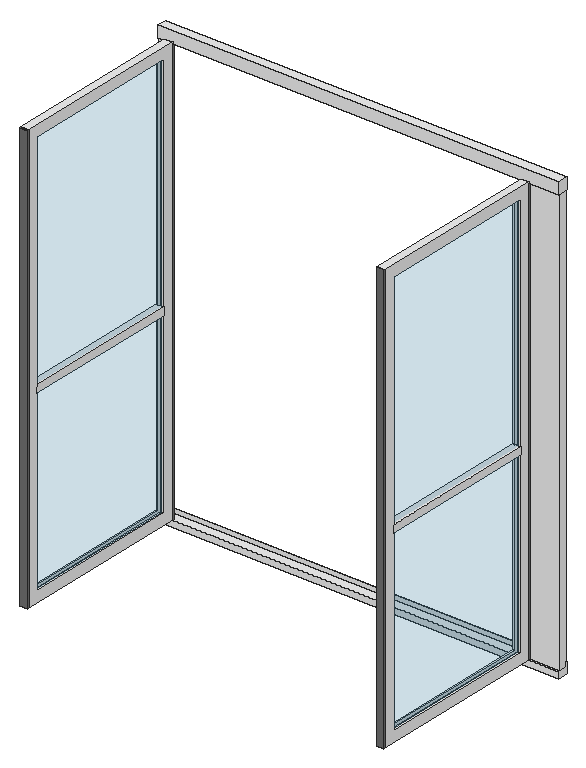
Revit family "Window-NanaWall-HSW-45", category Windows, host Wall, Revit 2013 (continued)
Definition of nested family "Left-Jamb_VSW 35"
  Definition of nested family "Right-Jamb_Detail"
    Lines and regions (in)
      detail lines, style "0", in view "Ref. Level"
        curve 288: arc (3.27709, -0.49198, 0) -> (3.27029, -0.49334, 0) -> (3.26723, -0.49955, 0) r 0.00783
        curve 289: arc (3.32596, -0.50508, 0) -> (3.32009, -0.59629, 0) -> (3.32596, -0.6875, 0) r 0.71114
        curve 290: arc (2.15126, -0.57003, 0) -> (2.18567, -0.65309, 0) -> (2.26873, -0.6875, 0) r 0.11747
        curve 291: arc (2.15126, -0.41356, 0) -> (2.11915, -0.33285, 0) -> (2.04036, -0.29628, 0) r 0.11747
        curve 292: arc (1.85348, -0.27194, 0) -> (1.94648, -0.28755, 0) -> (2.04036, -0.29628, 0) r 1.28277
        curve 293: arc (1.7597, -0.15688, 0) -> (1.78611, -0.2311, 0) -> (1.85348, -0.27194, 0) r 0.11747
        curve 294: arc (1.85348, 0.25989, 0) -> (1.78611, 0.21906, 0) -> (1.7597, 0.14484, 0) r 0.11747
        curve 295: arc (2.04036, 0.28423, 0) -> (1.94648, 0.2755, 0) -> (1.85348, 0.25989, 0) r 1.28277
        curve 296: arc (2.04036, 0.28423, 0) -> (2.11915, 0.32081, 0) -> (2.15126, 0.40151, 0) r 0.11747
        curve 297: arc (2.26873, 0.6875, 0) -> (2.18567, 0.65309, 0) -> (2.15126, 0.57003, 0) r 0.11747
        curve 298: arc (2.04365, 0.22558, 0) -> (2.12203, 0.24899, 0) -> (2.18139, 0.30527, 0) r 0.1762
        curve 299: arc (2.04365, 0.22558, 0) -> (1.95406, 0.21725, 0) -> (1.86533, 0.20236, 0) r 1.22404
        curve 300: arc (1.86533, -0.21441, 0) -> (1.95406, -0.2293, 0) -> (2.04365, -0.23763, 0) r 1.22404
        curve 301: arc (2.18139, -0.31732, 0) -> (2.12203, -0.26104, 0) -> (2.04365, -0.23763, 0) r 0.1762
        curve 302: arc (2.19825, -0.60919, 0) -> (2.20055, -0.61472, 0) -> (2.20608, -0.61702, 0) r 0.00783
        curve 303: arc (2.20608, -0.40166, 0) -> (2.20055, -0.40395, 0) -> (2.19825, -0.40949, 0) r 0.00783
        curve 304: arc (2.20608, 0.61702, 0) -> (2.20055, 0.61472, 0) -> (2.19825, 0.60919, 0) r 0.00783
        curve 305: arc (2.19825, 0.40949, 0) -> (2.20055, 0.40395, 0) -> (2.20608, 0.40166, 0) r 0.00783
        curve 306: arc (3.03229, 0.11943, 0) -> (3.04376, 0.09174, 0) -> (3.07144, 0.08027, 0) r 0.03916
        curve 307: arc (3.07144, -0.08027, 0) -> (3.04376, -0.09174, 0) -> (3.03229, -0.11943, 0) r 0.03916
        curve 308: arc (3.22807, -0.08027, 0) -> (3.25576, -0.0688, 0) -> (3.26723, -0.04111, 0) r 0.03916
        curve 309: arc (3.26723, 0.04111, 0) -> (3.25576, 0.0688, 0) -> (3.22807, 0.08027, 0) r 0.03916
        curve 310: arc (2.21419, 0.32304, 0) -> (2.19554, 0.31831, 0) -> (2.18139, 0.30527, 0) r 0.03916
        curve 311: arc (2.18139, -0.31732, 0) -> (2.19554, -0.33036, 0) -> (2.21419, -0.33509, 0) r 0.03916
        curve 312: arc (2.26873, 0.32304, 0) -> (2.29642, 0.33451, 0) -> (2.30789, 0.3622, 0) r 0.03916
        curve 313: arc (2.30789, -0.37425, 0) -> (2.29642, -0.34656, 0) -> (2.26873, -0.33509, 0) r 0.03916
        curve 314: arc (2.30789, -0.60919, 0) -> (2.31362, -0.62303, 0) -> (2.32747, -0.62877, 0) r 0.01958
        curve 315: arc (2.32747, 0.62876, 0) -> (2.31362, 0.62303, 0) -> (2.30789, 0.60919, 0) r 0.01958
        curve 316: arc (3.03229, 0.60919, 0) -> (3.02655, 0.62303, 0) -> (3.01271, 0.62876, 0) r 0.01958
        curve 317: arc (3.01271, -0.62877, 0) -> (3.02655, -0.62303, 0) -> (3.03229, -0.60919, 0) r 0.01958
        curve 318: arc (3.1106, 0.62093, 0) -> (3.09676, 0.6152, 0) -> (3.09102, 0.60135, 0) r 0.01958
        curve 319: arc (3.09102, 0.15858, 0) -> (3.09676, 0.14474, 0) -> (3.1106, 0.13901, 0) r 0.01958
        curve 320: arc (3.1106, -0.13901, 0) -> (3.09676, -0.14474, 0) -> (3.09102, -0.15858, 0) r 0.01958
        curve 321: arc (3.09102, -0.60136, 0) -> (3.09676, -0.6152, 0) -> (3.1106, -0.62093, 0) r 0.01958
        curve 322: arc (1.86533, 0.20236, 0) -> (1.83164, 0.18195, 0) -> (1.81843, 0.14484, 0) r 0.05873
        curve 323: arc (1.81843, -0.15688, 0) -> (1.83164, -0.19399, 0) -> (1.86533, -0.21441, 0) r 0.05873
Definition of nested family "Right-Jamb_VSW 35"
  Parameters (values of type "Right-Jamb_VSW 35")
    Width = 7' - 6"
    Ofset = 0' - 3"
    Jamb = Metal - NanaWall - Aluminum
    Height = 6' - 5 73/256"
    Assembly Code = ""
  Reference planes (in)
    plane 1 "Center (Front/Back)": y = -5.59752
    plane 2: z = 0
    plane 3 "Center (Left/Right)": x = 0
    plane 4: z = 77.28516
    plane 5: z = 0.97656
    plane 6: x = 45
    plane 7: x = -45
    plane 8: y = -2.59752
  Forms (in)
    Extrusion 1, solid, material "Metal - NanaWall - Aluminum" <- "Jamb"
      sketch origin (0, 0, 0) x (1, 0, 0) y (0, 1, 0)
        loop
          line (39.64757, -4.91002) -> (39.64757, -6.28502) -> (45, -6.28502) -> (45, -4.91002) -> (39.64757, -4.91002)
      from 0.97656 to 77.28516
  Lines and regions (in)
    Masking region 1
      outline origin (0, 0, 0) x (1, 0, 0) y (0, 1, 0)
        loop
          line (45, -4.91002) -> (39.64757, -4.91002) -> (39.64757, -6.28502) -> (45, -6.28502) -> (45, -4.91002)
  Dimensions and locks (in)
    "Height": plane 4 to level
    locked: plane 5 to level at 0.97656
    equal spacing: plane 7, plane 3 "Center (Left/Right)", plane 6
    "Width": plane 7 to plane 6
    Extrusion 1 sketch curve to plane 1 "Center (Front/Back)" to nested 1 = 0' - 0 11/16" locked, 0' - 0.56944" locked
    "Ofset": plane 8 to plane 1 "Center (Front/Back)"
    aligned and locked: level to plane 2
    aligned and locked: plane 4 to Extrusion 1
    aligned and locked: plane 5 to Extrusion 1
    aligned: plane 6 to nested 1
    aligned and locked: plane 1 "Center (Front/Back)" to nested 1
    aligned and locked: plane 6 to nested 1
    aligned and locked: Masking region 1 sketch curve to Extrusion 1  (x2)
    aligned and locked: Extrusion 1 to Masking region 1 sketch curve
  Automatic sketch dimensions
    Extrusion 1 sketch curve to plane 6 = 0' - 0"
    Extrusion 1 sketch curve to plane 1 "Center (Front/Back)" = 0' - 0 11/16"
    plane 6 to Extrusion 1 sketch curve = 0' - 5.35243"
    plane 6 to Masking region 1 sketch curve = 0' - 5.35243"
  Nested families (in)
    nested 1: "Detail" at (37.55324, -5.59752, 0), type "Detail", detail levels fine
  Definition of nested family "Detail"
    Parameters (values of type "Detail")
      SmartBIM Object Version = 1  # constant formula
      SmartBIM Object Created By = "Reed Construction Data"  # constant formula
      Half Piece = yes
      Assembly Code = ""
      95 CSI = ""
      04 CSI = ""
    Reference planes (in)
      plane 1 "Center (Front/Back)": y = 0
      plane 2: z = 0
      plane 3 "Center (Left/Right)": x = 0
    Lines and regions (in)
      detail lines, style "0", in view "Ref. Level"
        curve 1: arc (5.186, 0.50648, 0) -> (5.30577, 0.46582, 0) -> (5.37605, 0.36065, 0) r 0.19676
        curve 2: arc (4.79772, 0.47894, 0) -> (4.7943, 0.46496, 0) -> (4.78952, 0.45139, 0) r 0.1456
        curve 3: arc (5.19208, 0.47883, 0) -> (5.27619, 0.45289, 0) -> (5.3359, 0.38823, 0) r 0.16921
        curve 4: arc (4.7728, 0.50648, 0) -> (4.76562, 0.46593, 0) -> (4.74495, 0.43032, 0) r 0.11806
        curve 5: arc (5.06007, 0.60486, 0) -> (5.07619, 0.59647, 0) -> (5.07856, 0.57846, 0) r 0.01968
        curve 6: arc (4.77977, 0.53009, 0) -> (4.78454, 0.52849, 0) -> (4.78736, 0.52432, 0) r 0.00787
        curve 7: arc (4.82986, 0.53009, 0) -> (4.81113, 0.50865, 0) -> (4.78736, 0.52432, 0) r 0.02164
        curve 8: arc (4.82199, 0.58519, 0) -> (4.82756, 0.58288, 0) -> (4.82986, 0.57731, 0) r 0.00787
        curve 9: arc (4.81215, 0.58519, 0) -> (4.8049, 0.58999, 0) -> (4.8065, 0.59854, 0) r 0.00787
        curve 10: arc (4.83738, 0.63037, 0) -> (4.84384, 0.63479, 0) -> (4.8515, 0.63634, 0) r 0.01968
        curve 11: arc (4.86056, 0.57846, 0) -> (4.86293, 0.59647, 0) -> (4.87905, 0.60486, 0) r 0.01968
        curve 12: arc (4.90021, 0.53009, 0) -> (4.88215, 0.53579, 0) -> (4.87062, 0.55081, 0) r 0.03148
        curve 13: arc (5.0685, 0.55081, 0) -> (5.05697, 0.53579, 0) -> (5.03891, 0.53009, 0) r 0.03148
        curve 14: arc (5.15176, 0.52432, 0) -> (5.15458, 0.52849, 0) -> (5.15935, 0.53009, 0) r 0.00787
        curve 15: arc (5.08762, 0.63634, 0) -> (5.09528, 0.63479, 0) -> (5.10174, 0.63037, 0) r 0.01968
        curve 16: arc (5.13262, 0.59854, 0) -> (5.13422, 0.58999, 0) -> (5.12697, 0.58519, 0) r 0.00787
        curve 17: arc (5.10926, 0.57731, 0) -> (5.11156, 0.58288, 0) -> (5.11713, 0.58519, 0) r 0.00787
        curve 18: arc (5.15176, 0.52432, 0) -> (5.12799, 0.50865, 0) -> (5.10926, 0.53009, 0) r 0.02164
        curve 19: arc (4.74795, 0.42384, 0) -> (4.74438, 0.42612, 0) -> (4.74495, 0.43032, 0) r 0.00394
        curve 20: arc (5.24502, 0.45139, 0) -> (5.27062, 0.4463, 0) -> (5.29233, 0.43179, 0) r 0.0669
        curve 21: arc (5.24502, 0.42384, 0) -> (5.26008, 0.42085, 0) -> (5.27285, 0.41232, 0) r 0.03935
        curve 22: arc (5.38731, 0.31863, 0) -> (5.38364, 0.30977, 0) -> (5.37414, 0.31102, 0) r 0.00787
        curve 23: arc (1.85985, 0.42226, 0) -> (1.84662, 0.44885, 0) -> (1.83912, 0.47759, 0) r 0.1442
        curve 24: arc (1.95787, 0.59624, 0) -> (1.96665, 0.47744, 0) -> (1.96204, 0.35841, 0) r 1.05927
        curve 25: arc (1.96204, 0.35841, 0) -> (1.95995, 0.35564, 0) -> (1.95647, 0.35566, 0) r 0.00387
        curve 26: arc (2.0162, 0.34717, 0) -> (2.0139, 0.34161, 0) -> (2.00833, 0.3393, 0) r 0.00787
        curve 27: arc (1.98472, 0.3393, 0) -> (1.97916, 0.34161, 0) -> (1.97685, 0.34717, 0) r 0.00787
        curve 28: arc (1.95647, 0.35566, 0) -> (1.94234, 0.38638, 0) -> (1.9375, 0.41985, 0) r 0.11806
        curve 29: arc (1.89028, 0.42647, 0) -> (1.88797, 0.42091, 0) -> (1.88241, 0.4186, 0) r 0.00787
        curve 30: arc (1.86649, 0.4186, 0) -> (1.8627, 0.41958, 0) -> (1.85985, 0.42226, 0) r 0.00787
        curve 31: arc (1.95787, 0.59624, 0) -> (1.96226, 0.60435, 0) -> (1.97133, 0.60272, 0) r 0.00787
        curve 32: arc (1.95718, 0.64809, 0) -> (1.99891, 0.6308, 0) -> (2.0162, 0.58906, 0) r 0.05903
        curve 33: arc (1.97685, 0.58124, 0) -> (1.9788, 0.57813, 0) -> (1.97685, 0.57502, 0) r 0.00346
        curve 34: arc (1.97133, 0.60272, 0) -> (1.97542, 0.59643, 0) -> (1.97685, 0.58906, 0) r 0.01968
        curve 35: arc (1.92684, 0.53662, 0) -> (1.93141, 0.53515, 0) -> (1.93428, 0.53131, 0) r 0.00787
        curve 36: arc (1.93428, 0.48547, 0) -> (1.93141, 0.48162, 0) -> (1.92684, 0.48015, 0) r 0.00787
        curve 37: arc (1.93764, 0.50839, 0) -> (1.93703, 0.49677, 0) -> (1.93428, 0.48547, 0) r 0.0629
        curve 38: arc (1.93428, 0.53131, 0) -> (1.93703, 0.52, 0) -> (1.93764, 0.50839, 0) r 0.0629
        curve 39: arc (1.88241, 0.59817, 0) -> (1.88797, 0.59587, 0) -> (1.89028, 0.5903, 0) r 0.00787
        curve 40: arc (1.85372, 0.53131, 0) -> (1.85659, 0.53515, 0) -> (1.86117, 0.53662, 0) r 0.00787
        curve 41: arc (1.85372, 0.48547, 0) -> (1.85098, 0.49677, 0) -> (1.85036, 0.50839, 0) r 0.0629
        curve 42: arc (1.85036, 0.50839, 0) -> (1.85098, 0.52, 0) -> (1.85372, 0.53131, 0) r 0.0629
        curve 43: arc (1.86117, 0.48015, 0) -> (1.85659, 0.48162, 0) -> (1.85372, 0.48547, 0) r 0.00787
        curve 44: arc (1.83912, 0.53918, 0) -> (1.84662, 0.56792, 0) -> (1.85985, 0.59451, 0) r 0.1442
        curve 45: arc (1.85985, 0.59451, 0) -> (1.8627, 0.5972, 0) -> (1.86649, 0.59817, 0) r 0.00787
        curve 46: arc (1.9375, 0.62841, 0) -> (1.94326, 0.64232, 0) -> (1.95718, 0.64809, 0) r 0.01968
        curve 47: arc (4.42454, 0.42384, 0) -> (4.3828, 0.44113, 0) -> (4.36551, 0.48287, 0) r 0.05903
        curve 48: arc (4.42454, 0.36481, 0) -> (4.34106, 0.39939, 0) -> (4.30648, 0.48287, 0) r 0.11806
        curve 49: arc (4.24745, 0.49468, 0) -> (4.21963, 0.5062, 0) -> (4.2081, 0.53403, 0) r 0.03935
        curve 50: arc (4.30134, 0.56629, 0) -> (4.34636, 0.551, 0) -> (4.36551, 0.50749, 0) r 0.05903
        curve 51: arc (4.23591, 0.57625, 0) -> (4.24145, 0.57691, 0) -> (4.24506, 0.57266, 0) r 0.0059
        curve 52: arc (4.65278, 0.36481, 0) -> (4.69452, 0.34753, 0) -> (4.71181, 0.30579, 0) r 0.05903
        curve 53: arc (4.77083, 0.34514, 0) -> (4.7766, 0.35905, 0) -> (4.79051, 0.36481, 0) r 0.01968
        curve 54: arc (5.06597, 0.42384, 0) -> (5.07989, 0.41808, 0) -> (5.08565, 0.40417, 0) r 0.01968
        curve 55: arc (5.08565, 0.38449, 0) -> (5.07989, 0.37058, 0) -> (5.06597, 0.36481, 0) r 0.01968
        curve 56: arc (2.80324, 0.53118, 0) -> (2.82211, 0.565, 0) -> (2.84586, 0.59559, 0) r 0.25579
        curve 57: arc (2.80324, -0.36204, 0) -> (2.83206, -0.29247, 0) -> (2.90162, -0.26366, 0) r 0.09838
        curve 58: arc (2.90162, 0.35694, 0) -> (2.83206, 0.38576, 0) -> (2.80324, 0.45532, 0) r 0.09838
        curve 59: arc (2.12125, 0.31001, 0) -> (2.24489, 0.29029, 0) -> (2.36607, 0.25887, 0) r 1.31081
        curve 60: arc (2.12125, 0.31001, 0) -> (2.0463, 0.3486, 0) -> (2.0162, 0.42735, 0) r 0.11806
        curve 61: arc (2.3836, 0.31523, 0) -> (2.47362, 0.25113, 0) -> (2.5081, 0.14614, 0) r 0.17708
        curve 62: arc (2.0162, 0.56944, 0) -> (2.05078, 0.65292, 0) -> (2.13426, 0.6875, 0) r 0.11806
        curve 63: arc (2.17361, 0.58912, 0) -> (2.18514, 0.61695, 0) -> (2.21296, 0.62847, 0) r 0.03935
        curve 64: arc (2.17361, 0.36281, 0) -> (2.27954, 0.34315, 0) -> (2.3836, 0.31523, 0) r 1.36984
        curve 65: arc (2.06343, 0.6088, 0) -> (2.06573, 0.61436, 0) -> (2.0713, 0.61667, 0) r 0.00787
        curve 66: arc (2.0713, 0.40023, 0) -> (2.06573, 0.40254, 0) -> (2.06343, 0.4081, 0) r 0.00787
        curve 67: arc (2.36607, 0.25887, 0) -> (2.42609, 0.21613, 0) -> (2.44907, 0.14614, 0) r 0.11806
        curve 68: arc (2.44907, -0.13746, 0) -> (2.42609, -0.20745, 0) -> (2.36607, -0.25019, 0) r 0.11806
        curve 69: arc (2.36607, -0.25019, 0) -> (2.24489, -0.28161, 0) -> (2.12125, -0.30133, 0) r 1.31081
        curve 70: arc (2.5081, -0.13746, 0) -> (2.47362, -0.24245, 0) -> (2.3836, -0.30655, 0) r 0.17708
        curve 71: arc (2.83128, 0.62847, 0) -> (2.84927, 0.61677, 0) -> (2.84586, 0.59559, 0) r 0.01968
        curve 72: arc (3.15741, 0.64028, 0) -> (3.15164, 0.62636, 0) -> (3.13773, 0.6206, 0) r 0.01968
        curve 73: arc (2.86227, 0.5173, 0) -> (2.93461, 0.59281, 0) -> (3.03542, 0.6206, 0) r 0.19676
        curve 74: arc (2.94884, 0.44745, 0) -> (2.95461, 0.46137, 0) -> (2.96852, 0.46713, 0) r 0.01968
        curve 75: arc (3.09838, 0.46713, 0) -> (3.14012, 0.44984, 0) -> (3.15741, 0.4081, 0) r 0.05903
        curve 76: arc (2.90162, 0.41597, 0) -> (2.87379, 0.4275, 0) -> (2.86227, 0.45532, 0) r 0.03935
        curve 77: arc (2.94884, 0.43565, 0) -> (2.94308, 0.42174, 0) -> (2.92917, 0.41597, 0) r 0.01968
        curve 78: arc (3.00787, 0.38843, 0) -> (3.01363, 0.40234, 0) -> (3.02755, 0.4081, 0) r 0.01968
        curve 79: arc (3.07083, 0.4081, 0) -> (3.08475, 0.40234, 0) -> (3.09051, 0.38843, 0) r 0.01968
        curve 80: arc (3.00787, 0.29595, 0) -> (3.00211, 0.28204, 0) -> (2.98819, 0.27627, 0) r 0.01968
        curve 81: arc (3.15741, -0.26366, 0) -> (3.14012, -0.3054, 0) -> (3.09838, -0.32269, 0) r 0.05903
        curve 82: arc (3.09051, -0.24398, 0) -> (3.08475, -0.25789, 0) -> (3.07083, -0.26366, 0) r 0.01968
        curve 83: arc (0.83565, 0.60093, 0) -> (0.84141, 0.61484, 0) -> (0.85532, 0.6206, 0) r 0.01968
        curve 84: arc (0.77662, 0.6206, 0) -> (0.79053, 0.61484, 0) -> (0.7963, 0.60093, 0) r 0.01968
        curve 85: arc (1.15046, 0.58912, 0) -> (1.16199, 0.61695, 0) -> (1.18981, 0.62847, 0) r 0.03935
        curve 86: arc (1.73287, 0.62847, 0) -> (1.7607, 0.61695, 0) -> (1.77222, 0.58912, 0) r 0.03935
        curve 87: arc (1.89028, 0.61667, 0) -> (1.89584, 0.61436, 0) -> (1.89815, 0.6088, 0) r 0.00787
        curve 88: arc (1.81944, 0.6875, 0) -> (1.90292, 0.65292, 0) -> (1.9375, 0.56944, 0) r 0.11806
        curve 89: arc (1.05208, 0.6206, 0) -> (1.07991, 0.60908, 0) -> (1.09144, 0.58125, 0) r 0.03935
        curve 90: arc (1.94537, 0.23691, 0) -> (2.08583, 0.23248, 0) -> (2.22486, 0.21205, 0) r 1.23014
        curve 91: arc (2.04895, 0.29432, 0) -> (1.96978, 0.33109, 0) -> (1.9375, 0.4122, 0) r 0.11806
        curve 92: arc (2.22486, 0.21205, 0) -> (2.25872, 0.19153, 0) -> (2.27199, 0.15424, 0) r 0.05903
        curve 93: arc (2.23676, 0.26987, 0) -> (2.30447, 0.22883, 0) -> (2.33102, 0.15424, 0) r 0.11806
        curve 94: arc (2.04895, 0.29432, 0) -> (2.14331, 0.28555, 0) -> (2.23676, 0.26987, 0) r 1.28917
        curve 95: arc (1.81157, 0.33333, 0) -> (1.78375, 0.34486, 0) -> (1.77222, 0.37269, 0) r 0.03935
        curve 96: arc (1.89815, 0.4081, 0) -> (1.89584, 0.40254, 0) -> (1.89028, 0.40023, 0) r 0.00787
        curve 97: arc (2.22486, -0.20337, 0) -> (2.08583, -0.2238, 0) -> (1.94537, -0.22823, 0) r 1.23014
        curve 98: arc (2.33102, -0.14556, 0) -> (2.30447, -0.22015, 0) -> (2.23676, -0.26119, 0) r 0.11806
        curve 99: arc (2.27199, -0.14556, 0) -> (2.25872, -0.18285, 0) -> (2.22486, -0.20337, 0) r 0.05903
        curve 100: arc (2.23676, -0.26119, 0) -> (2.14331, -0.27687, 0) -> (2.04895, -0.28564, 0) r 1.28917
        curve 101: arc (0.83565, 0.52813, 0) -> (0.81597, 0.50845, 0) -> (0.7963, 0.52813, 0) r 0.01968
        curve 102: arc (0.7963, 0.27234, 0) -> (0.81359, 0.31408, 0) -> (0.85532, 0.33137, 0) r 0.05903
        curve 103: arc (1.15046, 0.37072, 0) -> (1.12165, 0.30115, 0) -> (1.05208, 0.27234, 0) r 0.09838
        curve 104: arc (1.09144, 0.37072, 0) -> (1.07991, 0.34289, 0) -> (1.05208, 0.33137, 0) r 0.03935
        curve 105: arc (0.86319, 0.25266, 0) -> (0.86896, 0.26658, 0) -> (0.88287, 0.27234, 0) r 0.01968
        curve 106: arc (0.94583, -0.28727, 0) -> (0.9516, -0.27336, 0) -> (0.96551, -0.26759, 0) r 0.01968
        curve 107: arc (5.20764, 0.5419, 0) -> (5.20418, 0.53355, 0) -> (5.19583, 0.53009, 0) r 0.01181
        curve 108: arc (6.35671, 0.53009, 0) -> (6.34519, 0.50227, 0) -> (6.31736, 0.49074, 0) r 0.03935
        curve 109: arc (6.25833, 0.49074, 0) -> (6.21659, 0.50803, 0) -> (6.19931, 0.54977, 0) r 0.05903
        curve 110: arc (6.14028, 0.6875, 0) -> (6.22376, 0.65292, 0) -> (6.25833, 0.56944, 0) r 0.11806
        curve 111: arc (6.14028, 0.62847, 0) -> (6.18202, 0.61118, 0) -> (6.19931, 0.56944, 0) r 0.05903
        curve 112: arc (5.85301, 0.6088, 0) -> (5.85877, 0.62271, 0) -> (5.87269, 0.62847, 0) r 0.01968
        curve 113: arc (5.77431, 0.62847, 0) -> (5.78822, 0.62271, 0) -> (5.79398, 0.6088, 0) r 0.01968
        curve 114: arc (5.20764, 0.61667, 0) -> (5.2111, 0.62501, 0) -> (5.21944, 0.62847, 0) r 0.01181
        curve 115: arc (4.69213, 0.56944, 0) -> (4.72671, 0.65292, 0) -> (4.81019, 0.6875, 0) r 0.11806
        curve 116: arc (4.73991, 0.5783, 0) -> (4.76333, 0.62257, 0) -> (4.81019, 0.64028, 0) r 0.07083
        curve 117: arc (4.74772, 0.56944, 0) -> (4.74181, 0.57211, 0) -> (4.73991, 0.5783, 0) r 0.00787
        curve 118: arc (5.12894, 0.53009, 0) -> (5.10926, 0.54977, 0) -> (5.12894, 0.56944, 0) r 0.01968
        curve 119: arc (5.16042, 0.64028, 0) -> (5.16598, 0.63797, 0) -> (5.16829, 0.63241, 0) r 0.00787
        curve 120: arc (4.81019, 0.56944, 0) -> (4.82986, 0.54977, 0) -> (4.81019, 0.53009, 0) r 0.01968
        curve 121: arc (4.71181, 0.53009, 0) -> (4.69789, 0.53586, 0) -> (4.69213, 0.54977, 0) r 0.01968
        curve 122: arc (7.39764, -0.18665, 0) -> (7.39081, -0.18529, 0) -> (7.38773, -0.17905, 0) r 0.00787
        curve 123: arc (7.38773, 0.17905, 0) -> (7.39081, 0.18529, 0) -> (7.39764, 0.18665, 0) r 0.00787
        curve 124: arc (7.39764, 0.49101, 0) -> (7.39081, 0.49237, 0) -> (7.38773, 0.49861, 0) r 0.00787
        curve 125: arc (7.44676, 0.50417, 0) -> (7.44086, 0.59584, 0) -> (7.44676, 0.6875, 0) r 0.71468
        curve 126: arc (6.2662, 0.56944, 0) -> (6.30078, 0.65292, 0) -> (6.38426, 0.6875, 0) r 0.11806
        curve 127: arc (6.2662, 0.4122, 0) -> (6.23393, 0.33109, 0) -> (6.15475, 0.29432, 0) r 0.11806
        curve 128: arc (5.96694, 0.26987, 0) -> (6.0604, 0.28555, 0) -> (6.15475, 0.29432, 0) r 1.28917
        curve 129: arc (5.87269, 0.15424, 0) -> (5.89923, 0.22883, 0) -> (5.96694, 0.26987, 0) r 0.11806
        curve 130: arc (5.96694, -0.26119, 0) -> (5.89923, -0.22015, 0) -> (5.87269, -0.14556, 0) r 0.11806
        curve 131: arc (6.15475, -0.28564, 0) -> (6.0604, -0.27687, 0) -> (5.96694, -0.26119, 0) r 1.28917
        curve 132: arc (6.15805, -0.22671, 0) -> (6.23682, -0.25023, 0) -> (6.29648, -0.30679, 0) r 0.17708
        curve 133: arc (6.15805, -0.22671, 0) -> (6.06802, -0.21834, 0) -> (5.97884, -0.20337, 0) r 1.23014
        curve 134: arc (5.97884, 0.21205, 0) -> (6.06802, 0.22702, 0) -> (6.15805, 0.23539, 0) r 1.23014
        curve 135: arc (6.29648, 0.31547, 0) -> (6.23682, 0.25891, 0) -> (6.15805, 0.23539, 0) r 0.17708
        curve 136: arc (6.31343, 0.6088, 0) -> (6.31573, 0.61436, 0) -> (6.3213, 0.61667, 0) r 0.00787
        curve 137: arc (6.3213, 0.40023, 0) -> (6.31573, 0.40254, 0) -> (6.31343, 0.4081, 0) r 0.00787
        curve 138: arc (7.15162, -0.12002, 0) -> (7.16315, -0.0922, 0) -> (7.19097, -0.08067, 0) r 0.03935
        curve 139: arc (7.19097, 0.08067, 0) -> (7.16315, 0.0922, 0) -> (7.15162, 0.12002, 0) r 0.03935
        curve 140: arc (7.34838, 0.08067, 0) -> (7.37621, 0.06915, 0) -> (7.38773, 0.04132, 0) r 0.03935
        curve 141: arc (7.38773, -0.04132, 0) -> (7.37621, -0.06915, 0) -> (7.34838, -0.08067, 0) r 0.03935
        curve 142: arc (6.29648, 0.31547, 0) -> (6.3107, 0.32858, 0) -> (6.32945, 0.33333, 0) r 0.03935
        curve 143: arc (6.42361, 0.37269, 0) -> (6.41209, 0.34486, 0) -> (6.38426, 0.33333, 0) r 0.03935
        curve 144: arc (6.42361, 0.6088, 0) -> (6.42937, 0.62271, 0) -> (6.44329, 0.62847, 0) r 0.01968
        curve 145: arc (7.13194, 0.62847, 0) -> (7.14586, 0.62271, 0) -> (7.15162, 0.6088, 0) r 0.01968
        curve 146: arc (7.21065, -0.15938, 0) -> (7.21641, -0.14546, 0) -> (7.23032, -0.1397, 0) r 0.01968
        curve 147: arc (7.23032, 0.1397, 0) -> (7.21641, 0.14546, 0) -> (7.21065, 0.15937, 0) r 0.01968
        curve 148: arc (7.21065, 0.60093, 0) -> (7.21641, 0.61484, 0) -> (7.23032, 0.6206, 0) r 0.01968
        curve 149: arc (5.97884, -0.20337, 0) -> (5.94499, -0.18285, 0) -> (5.93171, -0.14556, 0) r 0.05903
        curve 150: arc (5.93171, 0.15424, 0) -> (5.94499, 0.19153, 0) -> (5.97884, 0.21205, 0) r 0.05903
        curve 151: arc (3.24398, -0.26366, 0) -> (3.23007, -0.25789, 0) -> (3.22431, -0.24398, 0) r 0.01968
        curve 152: arc (3.21644, -0.32269, 0) -> (3.1747, -0.3054, 0) -> (3.15741, -0.26366, 0) r 0.05903
        curve 153: arc (3.41319, -0.26366, 0) -> (3.48276, -0.29247, 0) -> (3.51157, -0.36204, 0) r 0.09838
        curve 154: arc (3.2794, 0.6206, 0) -> (3.38021, 0.59281, 0) -> (3.45255, 0.5173, 0) r 0.19676
        curve 155: arc (3.15741, 0.4081, 0) -> (3.1747, 0.44984, 0) -> (3.21644, 0.46713, 0) r 0.05903
        curve 156: arc (3.22431, 0.38056, 0) -> (3.23007, 0.39447, 0) -> (3.24398, 0.40023, 0) r 0.01968
        curve 157: arc (3.32662, 0.27627, 0) -> (3.31271, 0.28204, 0) -> (3.30694, 0.29595, 0) r 0.01968
        curve 158: arc (3.28727, 0.40023, 0) -> (3.30118, 0.39447, 0) -> (3.30694, 0.38056, 0) r 0.01968
        curve 159: arc (3.17708, 0.6206, 0) -> (3.16317, 0.62636, 0) -> (3.15741, 0.64028, 0) r 0.01968
        curve 160: arc (3.3463, 0.46713, 0) -> (3.36021, 0.46137, 0) -> (3.36597, 0.44745, 0) r 0.01968
        curve 161: arc (3.38565, 0.41597, 0) -> (3.37174, 0.42174, 0) -> (3.36597, 0.43565, 0) r 0.01968
        curve 162: arc (3.51157, 0.45532, 0) -> (3.48276, 0.38576, 0) -> (3.41319, 0.35694, 0) r 0.09838
        curve 163: arc (3.45255, 0.45532, 0) -> (3.44102, 0.4275, 0) -> (3.41319, 0.41597, 0) r 0.03935
        curve 164: arc (3.46895, 0.59559, 0) -> (3.49271, 0.565, 0) -> (3.51157, 0.53118, 0) r 0.25579
        curve 165: arc (3.46895, 0.59559, 0) -> (3.46555, 0.61677, 0) -> (3.48354, 0.62847, 0) r 0.01968
        curve 166: arc (4.6331, -0.14556, 0) -> (4.61983, -0.18285, 0) -> (4.58597, -0.20337, 0) r 0.05903
        curve 167: arc (4.69213, -0.14556, 0) -> (4.66558, -0.22015, 0) -> (4.59788, -0.26119, 0) r 0.11806
        curve 168: arc (4.58597, -0.20337, 0) -> (4.44694, -0.2238, 0) -> (4.30648, -0.22823, 0) r 1.23014
        curve 169: arc (4.59788, -0.26119, 0) -> (4.50442, -0.27687, 0) -> (4.41006, -0.28564, 0) r 1.28917
        curve 170: arc (4.58597, 0.21205, 0) -> (4.61983, 0.19153, 0) -> (4.6331, 0.15424, 0) r 0.05903
        curve 171: arc (4.59788, 0.26987, 0) -> (4.66558, 0.22883, 0) -> (4.69213, 0.15424, 0) r 0.11806
        curve 172: arc (4.18056, 0.6875, 0) -> (4.26403, 0.65292, 0) -> (4.29861, 0.56944, 0) r 0.11806
        curve 173: arc (4.41006, 0.29432, 0) -> (4.33089, 0.33109, 0) -> (4.29861, 0.4122, 0) r 0.11806
        curve 174: arc (4.17269, 0.33333, 0) -> (4.14486, 0.34486, 0) -> (4.13333, 0.37269, 0) r 0.03935
        curve 175: arc (4.25926, 0.4081, 0) -> (4.25695, 0.40254, 0) -> (4.25139, 0.40023, 0) r 0.00787
        curve 176: arc (4.09398, 0.62847, 0) -> (4.12181, 0.61695, 0) -> (4.13333, 0.58912, 0) r 0.03935
        curve 177: arc (4.25139, 0.61667, 0) -> (4.25695, 0.61436, 0) -> (4.25926, 0.6088, 0) r 0.00787
        curve 178: arc (4.41006, 0.29432, 0) -> (4.50442, 0.28555, 0) -> (4.59788, 0.26987, 0) r 1.28917
        curve 179: arc (4.30648, 0.23691, 0) -> (4.44694, 0.23248, 0) -> (4.58597, 0.21205, 0) r 1.23014
        curve 180: line (5.24502, 0.45139, 0) -> (5.14497, 0.45139, 0)
        curve 181: line (5.14497, 0.45139, 0) -> (5.1724, 0.47883, 0)
        curve 182: line (5.1724, 0.47883, 0) -> (5.19208, 0.47883, 0)
        curve 183: line (4.79772, 0.47894, 0) -> (5.13188, 0.47894, 0)
        curve 184: line (5.13188, 0.47894, 0) -> (5.10434, 0.45139, 0)
        curve 185: line (5.10434, 0.45139, 0) -> (4.78952, 0.45139, 0)
        curve 186: line (5.07856, 0.57846, 0) -> (5.0685, 0.55081, 0)
        curve 187: line (4.8515, 0.63634, 0) -> (5.08762, 0.63634, 0)
        curve 188: line (5.03891, 0.53009, 0) -> (4.90021, 0.53009, 0)
        curve 189: line (4.87905, 0.60486, 0) -> (5.06007, 0.60486, 0)
        curve 190: line (4.8065, 0.59854, 0) -> (4.83738, 0.63037, 0)
        curve 191: line (4.82199, 0.58519, 0) -> (4.81215, 0.58519, 0)
        curve 192: line (4.82986, 0.53009, 0) -> (4.82986, 0.57731, 0)
        curve 193: line (4.7728, 0.50648, 0) -> (4.7728, 0.52616, 0)
        curve 194: line (4.87062, 0.55081, 0) -> (4.86056, 0.57846, 0)
        curve 195: line (5.10174, 0.63037, 0) -> (5.13262, 0.59854, 0)
        curve 196: line (5.10926, 0.57731, 0) -> (5.10926, 0.53009, 0)
        curve 197: line (5.12697, 0.58519, 0) -> (5.11713, 0.58519, 0)
        curve 198: line (5.16632, 0.52616, 0) -> (5.16632, 0.50648, 0)
        curve 199: line (5.16632, 0.50648, 0) -> (5.186, 0.50648, 0)
        curve 200: line (4.74795, 0.42384, 0) -> (5.24502, 0.42384, 0)
        curve 201: line (5.3359, 0.38823, 0) -> (5.29233, 0.43179, 0)
        curve 202: line (5.27285, 0.41232, 0) -> (5.37414, 0.31102, 0)
        curve 203: line (5.38731, 0.31863, 0) -> (5.37605, 0.36065, 0)
        curve 204: line (1.83912, 0.53918, 0) -> (1.83912, 0.47759, 0)
        curve 205: line (1.9375, 0.41985, 0) -> (1.9375, 0.44745, 0)
        curve 206: line (1.9375, 0.44745, 0) -> (1.89028, 0.44745, 0)
        curve 207: line (1.89028, 0.44745, 0) -> (1.89028, 0.42647, 0)
        curve 208: line (1.89028, 0.5903, 0) -> (1.89028, 0.56944, 0)
        curve 209: line (1.89028, 0.56944, 0) -> (1.9375, 0.56944, 0)
        curve 210: line (1.9375, 0.56944, 0) -> (1.9375, 0.57725, 0)
        curve 211: line (1.97685, 0.34717, 0) -> (1.97685, 0.57502, 0)
        curve 212: line (2.0162, 0.34717, 0) -> (2.0162, 0.58906, 0)
        curve 213: line (2.00833, 0.3393, 0) -> (1.98472, 0.3393, 0)
        curve 214: line (1.88241, 0.4186, 0) -> (1.86649, 0.4186, 0)
        curve 215: line (1.97685, 0.58124, 0) -> (1.97685, 0.58906, 0)
        curve 216: line (1.89815, 0.6088, 0) -> (1.89815, 0.56944, 0)
        curve 217: line (1.89815, 0.56944, 0) -> (1.9375, 0.56944, 0)
        curve 218: line (1.9375, 0.56944, 0) -> (1.9375, 0.62841, 0)
        curve 219: line (1.88241, 0.59817, 0) -> (1.86649, 0.59817, 0)
        curve 220: line (1.86117, 0.53662, 0) -> (1.92684, 0.53662, 0)
        curve 221: line (1.86117, 0.48015, 0) -> (1.92684, 0.48015, 0)
        curve 222: line (0.63889, 0.6206, 0) -> (0.7963, 0.6206, 0)
        curve 223: line (0.7963, 0.61192, 0) -> (0.59954, -0.41123, 0)
        curve 224: line (0.59954, -0.41123, 0) -> (0.59954, 0.61192, 0)
        curve 225: line (0.59954, 0.61192, 0) -> (0.7963, -0.41123, 0)
        curve 226: line (0.7963, -0.41123, 0) -> (0.7963, 0.61192, 0)
        curve 227: line (4.77083, 0.34514, 0) -> (4.77083, -0.6088, 0)
        curve 228: line (4.71181, -0.6088, 0) -> (4.71181, 0.30579, 0)
        curve 229: line (4.21062, 0.55854, 0) -> (4.23591, 0.57625, 0)
        curve 230: line (4.2081, 0.53403, 0) -> (4.2081, 0.5537, 0)
        curve 231: line (4.24506, 0.57266, 0) -> (4.24745, 0.56157, 0)
        curve 232: line (4.24745, 0.56157, 0) -> (4.30134, 0.56629, 0)
        curve 233: line (4.30648, 0.48287, 0) -> (4.30648, 0.49468, 0)
        curve 234: line (4.30648, 0.49468, 0) -> (4.24745, 0.49468, 0)
        curve 235: line (4.36551, 0.50749, 0) -> (4.36551, 0.48287, 0)
        curve 236: line (4.42454, 0.42384, 0) -> (5.06597, 0.42384, 0)
        curve 237: line (4.65278, 0.36481, 0) -> (4.42454, 0.36481, 0)
        curve 238: line (5.06597, 0.36481, 0) -> (4.79051, 0.36481, 0)
        curve 239: line (5.08565, 0.40417, 0) -> (5.08565, 0.38449, 0)
        curve 240: line (2.83128, 0.62847, 0) -> (2.21296, 0.62847, 0)
        curve 241: line (2.17361, 0.58912, 0) -> (2.17361, 0.36281, 0)
        curve 242: line (2.0713, 0.61667, 0) -> (2.11458, 0.61667, 0)
        curve 243: line (2.11458, 0.61667, 0) -> (2.11458, 0.40023, 0)
        curve 244: line (2.11458, 0.40023, 0) -> (2.0713, 0.40023, 0)
        curve 245: line (2.0162, 0.56944, 0) -> (2.06343, 0.56944, 0)
        curve 246: line (2.06343, 0.56944, 0) -> (2.06343, 0.6088, 0)
        curve 247: line (2.0162, 0.42735, 0) -> (2.0162, 0.44745, 0)
        curve 248: line (2.0162, 0.44745, 0) -> (2.06343, 0.44745, 0)
        curve 249: line (2.06343, 0.44745, 0) -> (2.06343, 0.4081, 0)
        curve 250: line (2.80324, 0.45532, 0) -> (2.80324, 0.53118, 0)
        curve 251: line (2.5081, 0.14614, 0) -> (2.5081, -0.13746, 0)
        curve 252: line (2.44907, 0.14614, 0) -> (2.44907, -0.13746, 0)
        curve 253: line (3.09051, -0.24398, 0) -> (3.09051, 0.38843, 0)
        curve 254: line (3.00787, 0.38843, 0) -> (3.00787, 0.29595, 0)
        curve 255: line (2.98819, 0.27627, 0) -> (2.94884, 0.27627, 0)
        curve 256: line (2.94884, 0.27627, 0) -> (2.94884, 0.35694, 0)
        curve 257: line (2.94884, 0.35694, 0) -> (2.90162, 0.35694, 0)
        curve 258: line (2.86227, 0.5173, 0) -> (2.86227, 0.45532, 0)
        curve 259: line (2.96852, 0.46713, 0) -> (3.09838, 0.46713, 0)
        curve 260: line (3.13773, 0.6206, 0) -> (3.03542, 0.6206, 0)
        curve 261: line (3.07083, 0.4081, 0) -> (3.02755, 0.4081, 0)
        curve 262: line (2.94884, 0.43565, 0) -> (2.94884, 0.44745, 0)
        curve 263: line (2.90162, 0.41597, 0) -> (2.92917, 0.41597, 0)
        curve 264: line (3.15741, -0.01181, 0) -> (3.16921, 0, 0)
        curve 265: line (3.16921, 0, 0) -> (3.15741, 0.01181, 0)
        curve 266: line (3.15741, 0.01181, 0) -> (3.15741, 0.39942, 0)
        curve 267: line (3.15741, 0.39942, 0) -> (3.15741, 0.01181, 0)
        curve 268: line (3.15741, 0.01181, 0) -> (3.1456, 0, 0)
        curve 269: line (3.1456, 0, 0) -> (3.15741, -0.01181, 0)
        curve 270: line (3.15741, -0.01181, 0) -> (3.15741, -0.26366, 0)
        curve 271: line (3.15741, -0.26366, 0) -> (3.15741, -0.01181, 0)
        curve 272: line (2.90162, -0.26366, 0) -> (3.07083, -0.26366, 0)
        curve 273: line (0, 0.6875, 0) -> (1.81944, 0.6875, 0)
        curve 274: line (1.89028, 0.61667, 0) -> (1.83912, 0.61667, 0)
        curve 275: line (1.83912, 0.61667, 0) -> (1.83912, 0.40023, 0)
        curve 276: line (1.83912, 0.40023, 0) -> (1.89028, 0.40023, 0)
        curve 277: line (1.73287, 0.62847, 0) -> (1.18981, 0.62847, 0)
        curve 278: line (1.05208, 0.6206, 0) -> (0.85532, 0.6206, 0)
        curve 279: line (0.48403, 0.6206, 0) -> (0.77662, 0.6206, 0)
        curve 280: line (2.27199, -0.14556, 0) -> (2.27199, 0.15424, 0)
        curve 281: line (1.77222, 0.37269, 0) -> (1.77222, 0.58912, 0)
        curve 282: line (1.89815, 0.4081, 0) -> (1.89815, 0.44745, 0)
        curve 283: line (1.89815, 0.44745, 0) -> (1.9375, 0.44745, 0)
        curve 284: line (1.9375, 0.44745, 0) -> (1.9375, 0.4122, 0)
        curve 285: line (1.94537, 0.23691, 0) -> (1.94537, 0.27431, 0)
        curve 286: line (1.94537, 0.27431, 0) -> (1.8706, 0.27431, 0)
        curve 287: line (1.8706, 0.27431, 0) -> (1.8706, 0.33333, 0)
        curve 288: line (1.8706, 0.33333, 0) -> (1.81157, 0.33333, 0)
        curve 289: line (2.33102, -0.14556, 0) -> (2.33102, -0.01181, 0)
        curve 290: line (2.33102, -0.01181, 0) -> (2.31921, 0, 0)
        curve 291: line (2.31921, 0, 0) -> (2.33102, 0.01181, 0)
        curve 292: line (2.33102, 0.01181, 0) -> (2.33102, 0.15424, 0)
        curve 293: line (1.8706, -0.32465, 0) -> (1.8706, -0.26563, 0)
        curve 294: line (1.8706, -0.26563, 0) -> (1.94537, -0.26563, 0)
        curve 295: line (1.94537, -0.26563, 0) -> (1.94537, -0.22823, 0)
        curve 296: line (0.86319, 0.25266, 0) -> (0.86319, -0.37188, 0)
        curve 297: line (1.15046, 0.58912, 0) -> (1.15046, 0.37072, 0)
        curve 298: line (1.09144, 0.37072, 0) -> (1.09144, 0.58125, 0)
        curve 299: line (0.83565, 0.60093, 0) -> (0.83565, 0.52813, 0)
        curve 300: line (0.85532, 0.33137, 0) -> (1.05208, 0.33137, 0)
        curve 301: line (1.05208, 0.27234, 0) -> (0.88287, 0.27234, 0)
        curve 302: line (0.7963, 0.60093, 0) -> (0.7963, 0.52813, 0)
        curve 303: line (0.96551, -0.26759, 0) -> (1.00486, -0.26759, 0)
        curve 304: line (1.00486, -0.26759, 0) -> (1.00486, -0.34826, 0)
        curve 305: line (0.7963, 0.26366, 0) -> (0.7963, 0.01181, 0)
        curve 306: line (0.7963, 0.01181, 0) -> (0.8081, 0, 0)
        curve 307: line (0.8081, 0, 0) -> (0.7963, -0.01181, 0)
        curve 308: line (0.7963, -0.01181, 0) -> (0.7963, -0.39942, 0)
        curve 309: line (5.79398, -0.33646, 0) -> (5.79398, 0.6088, 0)
        curve 310: line (5.85301, 0.6088, 0) -> (5.85301, -0.29711, 0)
        curve 311: line (4.81019, 0.6875, 0) -> (6.14028, 0.6875, 0)
        curve 312: line (6.14028, 0.62847, 0) -> (5.87269, 0.62847, 0)
        curve 313: line (6.31736, 0.49074, 0) -> (6.25833, 0.49074, 0)
        curve 314: line (6.32554, 0.57303, 0) -> (6.3542, 0.55297, 0)
        curve 315: line (6.35671, 0.54813, 0) -> (6.35671, 0.53009, 0)
        curve 316: line (6.25833, 0.56944, 0) -> (6.25833, 0.55764, 0)
        curve 317: line (6.25833, 0.55764, 0) -> (6.31736, 0.55247, 0)
        curve 318: line (6.31736, 0.55247, 0) -> (6.32258, 0.57196, 0)
        curve 319: line (6.19931, 0.54977, 0) -> (6.19931, 0.56944, 0)
        curve 320: line (5.77431, 0.62847, 0) -> (5.21944, 0.62847, 0)
        curve 321: line (5.20764, 0.61667, 0) -> (5.20764, 0.5419, 0)
        curve 322: line (4.81019, 0.53009, 0) -> (4.71181, 0.53009, 0)
        curve 323: line (4.81019, 0.64028, 0) -> (5.16042, 0.64028, 0)
        curve 324: line (5.16829, 0.63241, 0) -> (5.16829, 0.56944, 0)
        curve 325: line (5.16829, 0.56944, 0) -> (5.12894, 0.56944, 0)
        curve 326: line (5.19583, 0.53009, 0) -> (5.12894, 0.53009, 0)
        curve 327: line (4.81019, 0.56944, 0) -> (4.74772, 0.56944, 0)
        curve 328: line (4.69213, 0.54977, 0) -> (4.69213, 0.56944, 0)
        curve 329: line (7.39764, 0.18665, 0) -> (7.44676, 0.17349, 0)
        curve 330: line (7.44676, 0.17349, 0) -> (7.44676, -0.17349, 0)
        curve 331: line (7.44676, -0.17349, 0) -> (7.39764, -0.18665, 0)
        curve 332: line (7.38773, -0.17905, 0) -> (7.38773, -0.1397, 0)
        curve 333: line (7.38773, -0.1397, 0) -> (7.23032, -0.1397, 0)
        curve 334: line (7.23032, 0.6206, 0) -> (7.38773, 0.6206, 0)
        curve 335: line (7.38773, 0.6206, 0) -> (7.38773, 0.49861, 0)
        curve 336: line (7.38773, 0.17905, 0) -> (7.38773, 0.1397, 0)
        curve 337: line (7.38773, 0.1397, 0) -> (7.23032, 0.1397, 0)
        curve 338: line (7.38773, 0.04132, 0) -> (7.38773, -0.04132, 0)
        curve 339: line (6.38426, 0.6875, 0) -> (7.44676, 0.6875, 0)
        curve 340: line (6.44329, 0.62847, 0) -> (7.13194, 0.62847, 0)
        curve 341: line (6.2662, 0.56944, 0) -> (6.31343, 0.56944, 0)
        curve 342: line (6.31343, 0.56944, 0) -> (6.31343, 0.6088, 0)
        curve 343: line (5.87269, 0.15424, 0) -> (5.87269, 0.01181, 0)
        curve 344: line (5.87269, 0.01181, 0) -> (5.88449, 0, 0)
        curve 345: line (5.88449, 0, 0) -> (5.87269, -0.01181, 0)
        curve 346: line (5.87269, -0.01181, 0) -> (5.87269, -0.14556, 0)
        curve 347: line (7.21065, 0.15937, 0) -> (7.21065, 0.60093, 0)
        curve 348: line (7.21065, -0.15938, 0) -> (7.21065, -0.60093, 0)
        curve 349: line (7.15162, 0.6088, 0) -> (7.15162, 0.12002, 0)
        curve 350: line (7.15162, -0.12002, 0) -> (7.15162, -0.6088, 0)
        curve 351: line (6.31343, 0.4081, 0) -> (6.31343, 0.44745, 0)
        curve 352: line (6.31343, 0.44745, 0) -> (6.2662, 0.44745, 0)
        curve 353: line (6.2662, 0.44745, 0) -> (6.2662, 0.4122, 0)
        curve 354: line (6.3213, 0.61667, 0) -> (6.36458, 0.61667, 0)
        curve 355: line (6.36458, 0.61667, 0) -> (6.36458, 0.40023, 0)
        curve 356: line (6.36458, 0.40023, 0) -> (6.3213, 0.40023, 0)
        curve 357: line (6.32945, 0.33333, 0) -> (6.38426, 0.33333, 0)
        curve 358: line (7.39764, 0.49101, 0) -> (7.44676, 0.50417, 0)
        curve 359: line (7.19097, 0.08067, 0) -> (7.34838, 0.08067, 0)
        curve 360: line (7.34838, -0.08067, 0) -> (7.19097, -0.08067, 0)
        curve 361: line (6.42361, 0.37269, 0) -> (6.42361, 0.6088, 0)
        curve 362: line (5.93171, -0.14556, 0) -> (5.93171, 0.15424, 0)
        curve 363: line (2.13426, 0.6875, 0) -> (3.15741, 0.6875, 0)
        curve 364: line (3.15741, 0.6875, 0) -> (3.15741, 0.64028, 0)
        curve 365: line (3.15741, 0.64028, 0) -> (3.15741, 0.6875, 0)
        curve 366: line (3.15741, 0.6875, 0) -> (4.18056, 0.6875, 0)
        curve 367: line (3.48354, 0.62847, 0) -> (4.09398, 0.62847, 0)
        curve 368: line (3.22431, -0.24398, 0) -> (3.22431, 0.38056, 0)
        curve 369: line (3.41319, -0.26366, 0) -> (3.24398, -0.26366, 0)
        curve 370: line (3.41319, 0.41597, 0) -> (3.38565, 0.41597, 0)
        curve 371: line (3.32662, 0.27627, 0) -> (3.36597, 0.27627, 0)
        curve 372: line (3.36597, 0.27627, 0) -> (3.36597, 0.35694, 0)
        curve 373: line (3.36597, 0.35694, 0) -> (3.41319, 0.35694, 0)
        curve 374: line (3.30694, 0.38056, 0) -> (3.30694, 0.29595, 0)
        curve 375: line (3.24398, 0.40023, 0) -> (3.28727, 0.40023, 0)
        curve 376: line (3.17708, 0.6206, 0) -> (3.2794, 0.6206, 0)
        curve 377: line (3.3463, 0.46713, 0) -> (3.21644, 0.46713, 0)
        curve 378: line (3.36597, 0.43565, 0) -> (3.36597, 0.44745, 0)
        curve 379: line (3.45255, 0.5173, 0) -> (3.45255, 0.45532, 0)
        curve 380: line (3.51157, 0.45532, 0) -> (3.51157, 0.53118, 0)
        curve 381: line (4.6331, 0.15424, 0) -> (4.6331, -0.14556, 0)
        curve 382: line (4.30648, -0.22823, 0) -> (4.30648, -0.26563, 0)
        curve 383: line (4.30648, -0.26563, 0) -> (4.23171, -0.26563, 0)
        curve 384: line (4.23171, -0.26563, 0) -> (4.23171, -0.32465, 0)
        curve 385: line (4.69213, 0.15424, 0) -> (4.69213, 0.01181, 0)
        curve 386: line (4.69213, 0.01181, 0) -> (4.68032, 0, 0)
        curve 387: line (4.68032, 0, 0) -> (4.69213, -0.01181, 0)
        curve 388: line (4.69213, -0.01181, 0) -> (4.69213, -0.14556, 0)
        curve 389: line (4.29861, 0.4122, 0) -> (4.29861, 0.44745, 0)
        curve 390: line (4.29861, 0.44745, 0) -> (4.25926, 0.44745, 0)
        curve 391: line (4.25926, 0.44745, 0) -> (4.25926, 0.4081, 0)
        curve 392: line (4.25139, 0.40023, 0) -> (4.20023, 0.40023, 0)
        curve 393: line (4.20023, 0.40023, 0) -> (4.20023, 0.61667, 0)
        curve 394: line (4.20023, 0.61667, 0) -> (4.25139, 0.61667, 0)
        curve 395: line (4.13333, 0.58912, 0) -> (4.13333, 0.37269, 0)
        curve 396: line (4.17269, 0.33333, 0) -> (4.23171, 0.33333, 0)
        curve 397: line (4.23171, 0.33333, 0) -> (4.23171, 0.27431, 0)
        curve 398: line (4.23171, 0.27431, 0) -> (4.30648, 0.27431, 0)
        curve 399: line (4.30648, 0.27431, 0) -> (4.30648, 0.23691, 0)
        curve 400: line (4.25926, 0.6088, 0) -> (4.25926, 0.56944, 0)
        curve 401: line (4.25926, 0.56944, 0) -> (4.29861, 0.56944, 0)
        curve 402: arc (1.97334, -0.68555, 0) -> (1.94802, -0.67533, 0) -> (1.9375, -0.65014, 0) r 0.03542
        curve 403: arc (2.0162, -0.65014, 0) -> (2.00568, -0.67533, 0) -> (1.98037, -0.68555, 0) r 0.03542
        curve 404: arc (1.97334, -0.68555, 0) -> (2.25019, -1.09199, 0) -> (1.76816, -1.18937, 0) r 0.29514
        curve 405: circle (1.97685, -0.98067, 0) r 0.15741 normal (0, 0, -1)
        curve 406: arc (3.4919, -1.36829, 0) -> (3.47666, -1.36522, 0) -> (3.4638, -1.35648, 0) r 0.03935
        curve 407: arc (4.07093, -1.35648, 0) -> (4.05806, -1.36522, 0) -> (4.04282, -1.36829, 0) r 0.03935
        curve 408: arc (3.31481, -0.80556, 0) -> (3.28699, -0.79403, 0) -> (3.27546, -0.7662, 0) r 0.03935
        curve 409: arc (4.25926, -0.7662, 0) -> (4.24773, -0.79403, 0) -> (4.21991, -0.80556, 0) r 0.03935
        curve 410: line (3.39352, -1.35648, 0) -> (3.31481, -1.27778, 0)
        curve 411: line (4.1412, -1.35648, 0) -> (4.21894, -1.29009, 0)
        curve 412: line (3.31481, -0.9022, 0) -> (4.21991, -0.9022, 0)
        curve 413: arc (5.38669, -0.50648, 0) -> (5.26691, -0.46582, 0) -> (5.19663, -0.36065, 0) r 0.19676
        curve 414: arc (5.77497, -0.47894, 0) -> (5.77838, -0.46496, 0) -> (5.78316, -0.45139, 0) r 0.1456
        curve 415: arc (5.38061, -0.47883, 0) -> (5.2965, -0.45289, 0) -> (5.23679, -0.38823, 0) r 0.16921
        curve 416: arc (5.79988, -0.50648, 0) -> (5.80707, -0.46593, 0) -> (5.82774, -0.43032, 0) r 0.11806
        curve 417: arc (5.51262, -0.60486, 0) -> (5.4965, -0.59647, 0) -> (5.49413, -0.57846, 0) r 0.01968
        curve 418: arc (5.79291, -0.53009, 0) -> (5.78815, -0.52849, 0) -> (5.78533, -0.52432, 0) r 0.00787
        curve 419: arc (5.74282, -0.53009, 0) -> (5.76156, -0.50865, 0) -> (5.78533, -0.52432, 0) r 0.02164
        curve 420: arc (5.75069, -0.58519, 0) -> (5.74513, -0.58288, 0) -> (5.74282, -0.57731, 0) r 0.00787
        curve 421: arc (5.76053, -0.58519, 0) -> (5.76778, -0.58999, 0) -> (5.76618, -0.59854, 0) r 0.00787
        curve 422: arc (5.7353, -0.63037, 0) -> (5.72885, -0.63479, 0) -> (5.72118, -0.63634, 0) r 0.01968
        curve 423: arc (5.71212, -0.57846, 0) -> (5.70975, -0.59647, 0) -> (5.69363, -0.60486, 0) r 0.01968
        curve 424: arc (5.67248, -0.53009, 0) -> (5.69053, -0.53579, 0) -> (5.70206, -0.55081, 0) r 0.03148
        curve 425: arc (5.50419, -0.55081, 0) -> (5.51572, -0.53579, 0) -> (5.53377, -0.53009, 0) r 0.03148
        curve 426: arc (5.42092, -0.52432, 0) -> (5.4181, -0.52849, 0) -> (5.41334, -0.53009, 0) r 0.00787
        curve 427: arc (5.48507, -0.63634, 0) -> (5.4774, -0.63479, 0) -> (5.47095, -0.63037, 0) r 0.01968
        curve 428: arc (5.44007, -0.59854, 0) -> (5.43847, -0.58999, 0) -> (5.44572, -0.58519, 0) r 0.00787
        curve 429: arc (5.46343, -0.57731, 0) -> (5.46112, -0.58288, 0) -> (5.45556, -0.58519, 0) r 0.00787
        curve 430: arc (5.42092, -0.52432, 0) -> (5.44469, -0.50865, 0) -> (5.46343, -0.53009, 0) r 0.02164
        curve 431: arc (5.82473, -0.42384, 0) -> (5.8283, -0.42612, 0) -> (5.82774, -0.43032, 0) r 0.00394
        curve 432: arc (5.32766, -0.45139, 0) -> (5.30206, -0.4463, 0) -> (5.28036, -0.43179, 0) r 0.0669
        curve 433: arc (5.32766, -0.42384, 0) -> (5.3126, -0.42085, 0) -> (5.29984, -0.41232, 0) r 0.03935
        curve 434: arc (5.18538, -0.31863, 0) -> (5.18904, -0.30977, 0) -> (5.19854, -0.31102, 0) r 0.00787
        curve 435: arc (1.83912, -0.47759, 0) -> (1.84662, -0.44885, 0) -> (1.85985, -0.42226, 0) r 0.1442
        curve 436: arc (1.96204, -0.35841, 0) -> (1.96665, -0.47744, 0) -> (1.95787, -0.59624, 0) r 1.05927
        curve 437: arc (1.95647, -0.35566, 0) -> (1.95995, -0.35564, 0) -> (1.96204, -0.35841, 0) r 0.00387
        curve 438: arc (2.00833, -0.3393, 0) -> (2.0139, -0.34161, 0) -> (2.0162, -0.34717, 0) r 0.00787
        curve 439: arc (1.97685, -0.34717, 0) -> (1.97916, -0.34161, 0) -> (1.98472, -0.3393, 0) r 0.00787
        curve 440: arc (1.9375, -0.41985, 0) -> (1.94234, -0.38638, 0) -> (1.95647, -0.35566, 0) r 0.11806
        curve 441: arc (1.88241, -0.4186, 0) -> (1.88797, -0.42091, 0) -> (1.89028, -0.42647, 0) r 0.00787
        curve 442: arc (1.85985, -0.42226, 0) -> (1.8627, -0.41958, 0) -> (1.86649, -0.4186, 0) r 0.00787
        curve 443: arc (1.97133, -0.60272, 0) -> (1.96226, -0.60435, 0) -> (1.95787, -0.59624, 0) r 0.00787
        curve 444: arc (2.0162, -0.58906, 0) -> (1.99891, -0.6308, 0) -> (1.95718, -0.64809, 0) r 0.05903
        curve 445: arc (1.97685, -0.57502, 0) -> (1.9788, -0.57813, 0) -> (1.97685, -0.58124, 0) r 0.00346
        curve 446: arc (1.97685, -0.58906, 0) -> (1.97542, -0.59643, 0) -> (1.97133, -0.60272, 0) r 0.01968
        curve 447: arc (1.93428, -0.53131, 0) -> (1.93141, -0.53515, 0) -> (1.92684, -0.53662, 0) r 0.00787
        curve 448: arc (1.92684, -0.48015, 0) -> (1.93141, -0.48162, 0) -> (1.93428, -0.48547, 0) r 0.00787
        curve 449: arc (1.93428, -0.48547, 0) -> (1.93703, -0.49677, 0) -> (1.93764, -0.50839, 0) r 0.0629
        curve 450: arc (1.93764, -0.50839, 0) -> (1.93703, -0.52, 0) -> (1.93428, -0.53131, 0) r 0.0629
        curve 451: arc (1.89028, -0.5903, 0) -> (1.88797, -0.59587, 0) -> (1.88241, -0.59817, 0) r 0.00787
        curve 452: arc (1.86117, -0.53662, 0) -> (1.85659, -0.53515, 0) -> (1.85372, -0.53131, 0) r 0.00787
        curve 453: arc (1.85036, -0.50839, 0) -> (1.85098, -0.49677, 0) -> (1.85372, -0.48547, 0) r 0.0629
        curve 454: arc (1.85372, -0.53131, 0) -> (1.85098, -0.52, 0) -> (1.85036, -0.50839, 0) r 0.0629
        curve 455: arc (1.85372, -0.48547, 0) -> (1.85659, -0.48162, 0) -> (1.86117, -0.48015, 0) r 0.00787
        curve 456: arc (1.85985, -0.59451, 0) -> (1.84662, -0.56792, 0) -> (1.83912, -0.53918, 0) r 0.1442
        curve 457: arc (1.86649, -0.59817, 0) -> (1.8627, -0.5972, 0) -> (1.85985, -0.59451, 0) r 0.00787
        curve 458: arc (1.95718, -0.64809, 0) -> (1.94326, -0.64232, 0) -> (1.9375, -0.62841, 0) r 0.01968
        curve 459: arc (5.35718, -0.5419, 0) -> (5.36063, -0.53355, 0) -> (5.36898, -0.53009, 0) r 0.01181
        curve 460: arc (4.2081, -0.53009, 0) -> (4.21963, -0.50227, 0) -> (4.24745, -0.49074, 0) r 0.03935
        curve 461: arc (4.30648, -0.49074, 0) -> (4.34822, -0.50803, 0) -> (4.36551, -0.54977, 0) r 0.05903
        curve 462: arc (4.42454, -0.6875, 0) -> (4.34106, -0.65292, 0) -> (4.30648, -0.56944, 0) r 0.11806
        curve 463: arc (4.42454, -0.62847, 0) -> (4.3828, -0.61118, 0) -> (4.36551, -0.56944, 0) r 0.05903
        curve 464: arc (4.71181, -0.6088, 0) -> (4.70604, -0.62271, 0) -> (4.69213, -0.62847, 0) r 0.01968
        curve 465: arc (4.79051, -0.62847, 0) -> (4.7766, -0.62271, 0) -> (4.77083, -0.6088, 0) r 0.01968
        curve 466: arc (5.35718, -0.61667, 0) -> (5.35372, -0.62501, 0) -> (5.34537, -0.62847, 0) r 0.01181
        curve 467: arc (5.87269, -0.56944, 0) -> (5.83811, -0.65292, 0) -> (5.75463, -0.6875, 0) r 0.11806
        curve 468: arc (5.82491, -0.5783, 0) -> (5.80148, -0.62257, 0) -> (5.75463, -0.64028, 0) r 0.07083
        curve 469: arc (5.8171, -0.56944, 0) -> (5.823, -0.57211, 0) -> (5.82491, -0.5783, 0) r 0.00787
        curve 470: arc (5.43588, -0.53009, 0) -> (5.45556, -0.54977, 0) -> (5.43588, -0.56944, 0) r 0.01968
        curve 471: arc (5.4044, -0.64028, 0) -> (5.39883, -0.63797, 0) -> (5.39653, -0.63241, 0) r 0.00787
        curve 472: arc (5.75463, -0.56944, 0) -> (5.73495, -0.54977, 0) -> (5.75463, -0.53009, 0) r 0.01968
        curve 473: arc (5.85301, -0.53009, 0) -> (5.86692, -0.53586, 0) -> (5.87269, -0.54977, 0) r 0.01968
        curve 474: arc (2.3836, -0.31523, 0) -> (2.27954, -0.34315, 0) -> (2.17361, -0.36281, 0) r 1.36984
        curve 475: arc (2.0162, -0.42735, 0) -> (2.0463, -0.3486, 0) -> (2.12125, -0.31001, 0) r 0.11806
        curve 476: arc (2.13426, -0.6875, 0) -> (2.05078, -0.65292, 0) -> (2.0162, -0.56944, 0) r 0.11806
        curve 477: arc (2.06343, -0.4081, 0) -> (2.06573, -0.40254, 0) -> (2.0713, -0.40023, 0) r 0.00787
        curve 478: arc (2.0713, -0.61667, 0) -> (2.06573, -0.61436, 0) -> (2.06343, -0.6088, 0) r 0.00787
        curve 479: arc (2.21296, -0.62847, 0) -> (2.18514, -0.61695, 0) -> (2.17361, -0.58912, 0) r 0.03935
        curve 480: arc (2.80324, -0.58912, 0) -> (2.79171, -0.61695, 0) -> (2.76389, -0.62847, 0) r 0.03935
        curve 481: arc (2.86227, -0.37072, 0) -> (2.87379, -0.34289, 0) -> (2.90162, -0.33137, 0) r 0.03935
        curve 482: arc (3.11806, -0.52812, 0) -> (3.13773, -0.50845, 0) -> (3.15741, -0.52812, 0) r 0.01968
        curve 483: arc (2.90162, -0.6206, 0) -> (2.87379, -0.60908, 0) -> (2.86227, -0.58125, 0) r 0.03935
        curve 484: arc (3.11806, -0.60093, 0) -> (3.11229, -0.61484, 0) -> (3.09838, -0.6206, 0) r 0.01968
        curve 485: arc (1.9375, -0.4122, 0) -> (1.96978, -0.33109, 0) -> (2.04895, -0.29432, 0) r 0.11806
        curve 486: arc (1.77222, -0.37269, 0) -> (1.78375, -0.34486, 0) -> (1.81157, -0.33333, 0) r 0.03935
        curve 487: arc (1.89028, -0.40023, 0) -> (1.89584, -0.40254, 0) -> (1.89815, -0.4081, 0) r 0.00787
        curve 488: arc (1.9375, -0.56944, 0) -> (1.90292, -0.65292, 0) -> (1.81944, -0.6875, 0) r 0.11806
        curve 489: arc (1.77222, -0.58912, 0) -> (1.7607, -0.61695, 0) -> (1.73287, -0.62847, 0) r 0.03935
        curve 490: arc (1.89815, -0.6088, 0) -> (1.89584, -0.61436, 0) -> (1.89028, -0.61667, 0) r 0.00787
        curve 491: arc (0.85532, -0.46713, 0) -> (0.81359, -0.44984, 0) -> (0.7963, -0.4081, 0) r 0.05903
        curve 492: arc (1.05208, -0.35694, 0) -> (1.12165, -0.38576, 0) -> (1.15046, -0.45532, 0) r 0.09838
        curve 493: arc (1.05208, -0.41597, 0) -> (1.07991, -0.4275, 0) -> (1.09144, -0.45532, 0) r 0.03935
        curve 494: arc (1.00486, -0.43565, 0) -> (1.01062, -0.42174, 0) -> (1.02454, -0.41597, 0) r 0.01968
        curve 495: arc (1.00486, -0.44745, 0) -> (0.9991, -0.46137, 0) -> (0.98519, -0.46713, 0) r 0.01968
        curve 496: arc (0.88287, -0.40023, 0) -> (0.86896, -0.39447, 0) -> (0.86319, -0.38056, 0) r 0.01968
        curve 497: arc (0.94583, -0.38056, 0) -> (0.94007, -0.39447, 0) -> (0.92616, -0.40023, 0) r 0.01968
        curve 498: arc (0.7963, -0.64028, 0) -> (0.80206, -0.62636, 0) -> (0.81597, -0.6206, 0) r 0.01968
        curve 499: arc (1.12242, -0.62847, 0) -> (1.10444, -0.61677, 0) -> (1.10784, -0.59559, 0) r 0.01968
        curve 500: arc (1.09144, -0.5173, 0) -> (1.0191, -0.59281, 0) -> (0.91829, -0.6206, 0) r 0.19676
        curve 501: arc (1.15046, -0.53118, 0) -> (1.1316, -0.565, 0) -> (1.10784, -0.59559, 0) r 0.25579
        curve 502: arc (6.14028, -0.42384, 0) -> (6.18202, -0.44113, 0) -> (6.19931, -0.48287, 0) r 0.05903
        curve 503: arc (6.14028, -0.36481, 0) -> (6.22376, -0.39939, 0) -> (6.25833, -0.48287, 0) r 0.11806
        curve 504: arc (6.31736, -0.49468, 0) -> (6.34519, -0.5062, 0) -> (6.35671, -0.53403, 0) r 0.03935
        curve 505: arc (6.26348, -0.56629, 0) -> (6.21845, -0.551, 0) -> (6.19931, -0.50749, 0) r 0.05903
        curve 506: arc (6.32891, -0.57625, 0) -> (6.32336, -0.57691, 0) -> (6.31975, -0.57266, 0) r 0.0059
        curve 507: arc (5.91204, -0.36481, 0) -> (5.8703, -0.34753, 0) -> (5.85301, -0.30579, 0) r 0.05903
        curve 508: arc (5.79398, -0.34514, 0) -> (5.78822, -0.35905, 0) -> (5.77431, -0.36481, 0) r 0.01968
